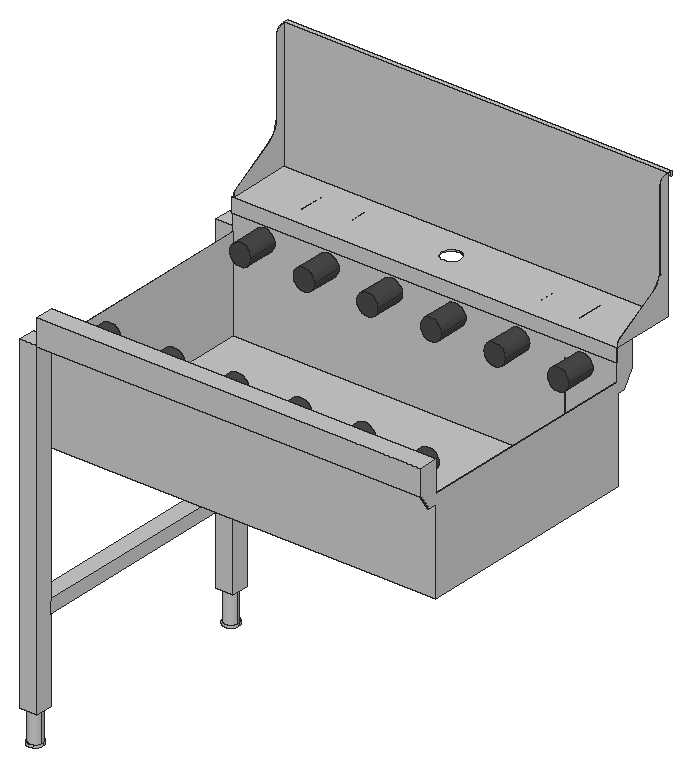
Revit family "QF_ELECTROLUXPROFESSIONAL_863071_HSSRDB9SB", category Specialty Equipment, Revit 2018
Family settings
  Round Connector Dimension = Use Diameter
  Part Type = Normal
  Work Plane-Based = No
  Always vertical = Yes
  Cut with Voids When Loaded = No
  Shared = No
  Room Calculation Point = No
Parameters
  Weight = 0.00 kg
  Watts = 0 W
  Volts = 0 V
  URL Manufacturer = "http://professional.electrolux.com/"
  URL = "http://professional.electrolux.com/"
  Steam Supply Size = 0 mm
  Steam Supply Minimum Pressure = 0.0 Pa
  Steam Supply Maximum Pressure = 0.0 Pa
  Steam Pounds per Hour = 0
  Refrigeration Suction Line Size = 0 mm
  Refrigeration Liquid Line Size = 0 mm
  Refrigerant Compressor Remote = yes
  Manufacturer = "Electrolux"
  Phase = 0
  Model = "HSSRDB9SB"
  Length Actual = 900 mm  # constant formula
  Item Number = "863071"
  Hot Water Size = 0 mm
  Height Actual = 1213 mm  # constant formula
  HP = "0 HP"
  Gas Size = 0 mm
  Gas KW = 0
  Gas Input Pressure = 0 W
  Description = "SHORT ROLLER CONVEYOR WITH DEEP BASIN AND SPLASH BACK,  L=900 MM"
  Depth Actual = 735 mm  # constant formula
  Cycle = 0 Hz
  Condensate Return Size = 0 mm
  Compressed Air Volume = 0.0 L/s
  Compressed Air Size = 0 mm
  Compressed Air Pressure = 0.0 Pa
  Cold Water Size = 0 mm
  Accessory = yes
Reference planes
  plane 1 "Centro (Fronte/Retro)": y = 74.737
  plane 2: z = 0
  plane 3 "LEFT": x = -1038.761
  plane 4 "BACK": y = 499.737
  plane 5 "FRONT": y = -235.263
  plane 6: z = 910
  plane 7 "RIGHT": x = -138.761
  plane 8: x = -588.761
Forms (mm)
  Extrusion 1, solid, material "QF_Finishes_Stainless Steel"
    sketch origin (0, 74.737, 0) x (1, 0, 0) y (0, 0, 1)
      loop
        line (-1079.929, 300) -> (-1079.929, 270) -> (-1039.929, 270) -> (-1039.929, 300) -> (-1079.929, 300)
    from -266.504 to 266.46
  Extrusion 2, solid, material "QF_Finishes_Stainless Steel"
    sketch origin (11.239, 0, 0) x (0, 1, 0) y (0, 0, 1)
      loop
        line (-235.263, 910) -> (-235.263, 850.033) -> (-190.242, 850.033) -> (-190.242, 910) -> (-235.263, 910)
      loop
        line (384.737, 910) -> (339.716, 910) -> (339.716, 850.033) -> (384.737, 850.033) -> (384.737, 910)
    from -1048.8 to -151.2
  Extrusion 3, solid, material "QF_Finishes_Stainless Steel"
    sketch origin (11.239, 0, 0) x (0, 1, 0) y (0, 0, 1)
      loop
        line (-191.727, 850.033) -> (-191.727, 618.033) -> (341.245, 618.033) -> (341.245, 850.033) -> (339.716, 850.033) -> (339.716, 621.033) -> (-190.242, 621.033) -> (-190.242, 850.033) -> (-191.727, 850.033)
    from -1048.8 to -151.2
  Extrusion 4, solid, material "QF_Finishes_Stainless Steel"
    sketch origin (1161.239, 723.253, 4000) x (0, 1, 0) y (0, 0, 1)
      loop
        line (-958.516, -3090) -> (-958.516, -3149.967) -> (-934.752, -3185.632) -> (-914.981, -3185.632) -> (-914.981, -3381.967) -> (-382.009, -3381.967) -> (-382.009, -3185.632) -> (-362.281, -3185.632) -> (-338.516, -3149.967) -> (-338.516, -3090) -> (-383.538, -3090) -> (-383.538, -3161.926) -> (-913.495, -3161.926) -> (-913.495, -3090) -> (-958.516, -3090)
    from -1300 to -1301.2
  Revolve 5, solid, material "QF_Finishes_Stainless Steel"
    sketch origin (-588.761, 0, 0) x (0, 1, 0) y (0, 0, 1)
      loop
        line (74.737, 618.033) -> (-1.756, 618.033) -> (-1.756, 601.823) -> (0.354, 601.823)
        arc (0.354, 601.823) -> (3.64, 597.973) -> (0.351, 594.125) r 3.897
        line (0.351, 594.125) -> (-1.756, 594.125) -> (-1.756, 551.31)
        arc (-1.756, 551.31) -> (8.91, 520.632) -> (36.296, 503.17) r 49.497
        line (36.296, 503.17) -> (36.296, 500.684) -> (37.487, 497.398) -> (51.25, 491.407) -> (51.25, 455.535) -> (52.727, 454.059) -> (74.737, 454.059) -> (74.737, 618.033)
      axis (74.737, 454.059) -> (74.737, 618.033)
    angle from 0 to 360
  Extrusion 6, solid, material "QF_Finishes_Stainless Steel"
    sketch origin (-537.561, 723.253, 4000) x (0, 1, 0) y (0, 0, 1)
      loop
        line (-958.516, -3090) -> (-958.516, -3149.967) -> (-914.981, -3149.967) -> (-914.981, -3381.967) -> (-382.009, -3381.967) -> (-382.009, -3149.967) -> (-338.516, -3149.967) -> (-338.516, -3090) -> (-383.538, -3090) -> (-383.538, -3161.926) -> (-913.495, -3161.926) -> (-913.495, -3090) -> (-958.516, -3090)
    from -500 to -501.2
  Extrusion 7, solid, material "QF_Finishes_Black"
    sketch origin (0, 74.737, 0) x (1, 0, 0) y (0, 0, 1)
      loop
        circle (-961.28, 850.115) r 25
      loop
        circle (-812.273, 850.115) r 25
      loop
        circle (-514.257, 850.115) r 25
      loop
        circle (-365.25, 850.115) r 25
      loop
        circle (-216.242, 850.115) r 25
      loop
        circle (-663.265, 850.115) r 25
    from 190.58 to 260.534
  Extrusion 8, solid, material "QF_Finishes_Stainless Steel"
    sketch origin (-239.961, 342.237, 0) x (0, 1, 0) y (0, 0, -1)
      loop
        line (-2.521, -910) -> (-2.521, -879.543) -> (-4.021, -879.543) -> (-4.021, -911.5) -> (145.999, -911.5) -> (145.999, -1213) -> (157.5, -1213) -> (157.5, -1202.537) -> (156, -1202.537) -> (156, -1211.5) -> (147.499, -1211.5) -> (147.499, -910) -> (-2.521, -910)
    from -101.2 to 798.8
  Extrusion 9, solid, material "QF_Finishes_Stainless Steel"
    sketch origin (-915.761, 342.237, 0) x (0, 1, 0) y (0, 0, 1)
      loop
        line (-0.992, 624.033) -> (13.767, 624.033)
        arc (13.767, 624.033) -> (17.303, 625.498) -> (18.768, 629.034) r 5.001
        line (18.768, 629.034) -> (18.768, 745.739) -> (102.636, 891.045) -> (102.636, 910) -> (42.5, 910) -> (42.5, 850.033) -> (-0.992, 850.033) -> (-0.992, 624.033)
    from 0 to 3
  Extrusion 10, solid, material "QF_Finishes_Stainless Steel"
    sketch origin (-818.761, 342.237, 0) x (0, 1, 0) y (0, 0, 1)
      loop
        line (-0.992, 624.033) -> (13.767, 624.033)
        arc (13.767, 624.033) -> (17.303, 625.498) -> (18.768, 629.034) r 5.001
        line (18.768, 629.034) -> (18.768, 745.739) -> (102.636, 891.045) -> (102.636, 910) -> (42.5, 910) -> (42.5, 850.033) -> (-0.992, 850.033) -> (-0.992, 624.033)
    from 0 to 3
  Extrusion 11, solid, material "QF_Finishes_Stainless Steel"
    sketch origin (-205.939, 342.237, 13) x (-1, 0, 0) y (0, 0, 1)
      loop
        line (706.822, 837.033) -> (612.822, 837.033) -> (612.822, 611.033) -> (706.822, 611.033) -> (706.822, 837.033)
    from -0.992 to 1.008
  Extrusion 12, solid, material "QF_Finishes_Stainless Steel"
    sketch origin (-139.961, 342.237, 0) x (0, 1, 0) y (0, 0, -1)
      loop
        line (1.051, -911.5) -> (1.051, -914.619)
        arc (1.051, -914.619) -> (2.37, -919.604) -> (6.004, -923.263) r 9.963
        line (6.004, -923.263) -> (100.988, -978.112)
        arc (100.988, -978.112) -> (119.305, -996.412) -> (126.02, -1021.418) r 50.023
        line (126.02, -1021.418) -> (126.02, -1196.012)
        arc (126.02, -1196.012) -> (130.414, -1206.62) -> (141.022, -1211.014) r 15.003
        line (141.022, -1211.014) -> (145.999, -1211.014) -> (145.999, -911.5) -> (1.051, -911.5)
    from -1.2 to 0
  Extrusion 13, solid, material "QF_Finishes_Stainless Steel"
    sketch origin (-1033.961, 342.237, 0) x (0, 1, 0) y (0, 0, -1)
      loop
        line (141.022, -1211.014) -> (145.999, -1211.014) -> (145.999, -911.5) -> (1.051, -911.5) -> (1.051, -914.619)
        arc (1.051, -914.619) -> (2.37, -919.604) -> (6.004, -923.263) r 9.963
        line (6.004, -923.263) -> (100.988, -978.112)
        arc (100.988, -978.112) -> (119.305, -996.412) -> (126.02, -1021.418) r 50.023
        line (126.02, -1021.418) -> (126.02, -1196.012)
        arc (126.02, -1196.012) -> (130.414, -1206.62) -> (141.022, -1211.014) r 15.003
    from 3.6 to 4.8
  Extrusion 14, void
    sketch origin (0, 0, 0) x (1, 0, 0) y (0, 1, 0)
      loop
        circle (-588.761, 417.226) r 22.503
    from 910 to 911.5
  Extrusion 15, solid, material "QF_Finishes_Stainless Steel"
    sketch origin (-380.272, 342.237, 0) x (0, 1, 0) y (0, 0, -1)
      loop
        line (-0.992, -624.033) -> (-0.992, -850.033) -> (42.5, -850.033) -> (42.5, -910) -> (102.636, -910) -> (102.636, -891.045) -> (18.768, -745.739) -> (18.768, -629.034)
        arc (18.768, -629.034) -> (17.303, -625.498) -> (13.767, -624.033) r 5.001
        line (13.767, -624.033) -> (-0.992, -624.033)
    from -118.511 to -115.511
  Extrusion 16, solid, material "QF_Finishes_Stainless Steel"
    sketch origin (-458.761, 342.237, 0) x (0, 1, 0) y (0, 0, -1)
      loop
        line (-0.992, -624.033) -> (-0.992, -850.033) -> (42.5, -850.033) -> (42.5, -910) -> (102.636, -910) -> (102.636, -891.045) -> (18.768, -745.739) -> (18.768, -629.034)
        arc (18.768, -629.034) -> (17.303, -625.498) -> (13.767, -624.033) r 5.001
        line (13.767, -624.033) -> (-0.992, -624.033)
    from -100 to -97
  Extrusion 17, solid, material "QF_Finishes_Stainless Steel"
    sketch origin (-1071.583, 342.237, 13) x (1, 0, 0) y (0, 0, -1)
      loop
        line (806.822, -837.033) -> (806.822, -611.033) -> (712.822, -611.033) -> (712.822, -837.033) -> (806.822, -837.033)
    from -0.992 to 1.008
  Extrusion 18, solid, material "QF_Finishes_Black"
    sketch origin (0, 74.737, 0) x (1, 0, 0) y (0, 0, -1)
      loop
        circle (-961.28, -850.115) r 25
      loop
        circle (-812.273, -850.115) r 25
      loop
        circle (-514.257, -850.115) r 25
      loop
        circle (-365.25, -850.115) r 25
      loop
        circle (-216.242, -850.115) r 25
      loop
        circle (-663.265, -850.115) r 25
    from 190.58 to 260.534
Cuts and joins
  joined: Extrusion 2, Extrusion 3, Extrusion 4, Revolve 5, Extrusion 6
  Extrusion 14 cuts Extrusion 8
  joined: Extrusion 8, Extrusion 9, Extrusion 10, Extrusion 11, Extrusion 12, Extrusion 13, Extrusion 15, Extrusion 16, Extrusion 17
Lines and regions (mm)
  Split face 1
    outline origin (458.239, 339.716, 621.033) x (-1, 0, 0) y (0, -1, 0)
      loop
        circle (1047, 264.904) r 3.016
  Split face 2
    outline origin (458.239, 339.716, 621.033) x (-1, 0, 0) y (0, -1, 0)
      loop
        circle (1047, 264.904) r 52.991
  Split face 3
    outline origin (458.239, 339.716, 621.033) x (-1, 0, 0) y (0, -1, 0)
      loop
        circle (1047, 264.904) r 36.015
  Split face 4
    outline origin (458.239, 339.716, 621.033) x (-1, 0, 0) y (0, -1, 0)
      loop
        circle (1047, 264.904) r 26.027
  Split face 5
    outline origin (458.239, 339.716, 621.033) x (-1, 0, 0) y (0, -1, 0)
      loop
        circle (1047, 264.904) r 9.056
  Masking region 1
    outline origin (0, 0, 0) x (1, 0, 0) y (0, 1, 0)
      loop
        line (-1038.761, 499.737) -> (-1038.761, -235.263) -> (-138.761, -235.263) -> (-138.761, 499.737) -> (-1038.761, 499.737)
  symbolic lines
    curve 1: line (-138.761, 499.737, 0) -> (-1038.761, 499.737, 0)
    curve 2: line (-1038.761, 499.737, 0) -> (-1038.761, -235.263, 0)
    curve 3: line (-1038.761, 339.716, 0) -> (-138.761, 339.716, 0)
    curve 4: line (-1038.761, -235.263, 0) -> (-138.761, -235.263, 0)
    curve 5: line (-138.761, -235.263, 0) -> (-138.761, 499.737, 0)
    curve 6: line (-138.761, -190.242, 0) -> (-1038.761, -190.242, 0)
    curve 7: line (-936.28, -185.797, 0) -> (-986.28, -185.797, 0)
    curve 8: line (-986.28, -185.797, 0) -> (-986.28, -115.842, 0)
    curve 9: line (-986.28, -115.842, 0) -> (-936.28, -115.842, 0)
    curve 10: line (-936.28, -115.842, 0) -> (-936.28, -185.797, 0)
    curve 11: line (-787.273, -185.797, 0) -> (-837.273, -185.797, 0)
    curve 12: line (-837.273, -185.797, 0) -> (-837.273, -115.842, 0)
    curve 13: line (-837.273, -115.842, 0) -> (-787.273, -115.842, 0)
    curve 14: line (-787.273, -115.842, 0) -> (-787.273, -185.797, 0)
    curve 15: line (-638.265, -185.797, 0) -> (-688.265, -185.797, 0)
    curve 16: line (-688.265, -185.797, 0) -> (-688.265, -115.842, 0)
    curve 17: line (-688.265, -115.842, 0) -> (-638.265, -115.842, 0)
    curve 18: line (-638.265, -115.842, 0) -> (-638.265, -185.797, 0)
    curve 19: line (-489.257, -185.797, 0) -> (-539.257, -185.797, 0)
    curve 20: line (-539.257, -185.797, 0) -> (-539.257, -115.842, 0)
    curve 21: line (-539.257, -115.842, 0) -> (-489.257, -115.842, 0)
    curve 22: line (-489.257, -115.842, 0) -> (-489.257, -185.797, 0)
    curve 23: line (-191.242, -185.797, 0) -> (-241.242, -185.797, 0)
    curve 24: line (-241.242, -185.797, 0) -> (-241.242, -115.842, 0)
    curve 25: line (-241.242, -115.842, 0) -> (-191.242, -115.842, 0)
    curve 26: line (-191.242, -115.842, 0) -> (-191.242, -185.797, 0)
    curve 27: line (-1038.761, 343.288, 0) -> (-1037.561, 343.288, 0)
    curve 28: line (-1037.561, 343.288, 0) -> (-1037.561, 488.236, 0)
    curve 29: line (-1038.761, 488.236, 0) -> (-138.761, 488.236, 0)
    curve 30: line (-139.961, 488.236, 0) -> (-139.961, 343.288, 0)
    curve 31: line (-139.961, 343.288, 0) -> (-138.761, 343.288, 0)
    curve 32: arc (-611.264, 417.226, 0) -> (-588.761, 439.729, 0) -> (-566.258, 417.226, 0) r 22.503
    curve 33: arc (-566.258, 417.226, 0) -> (-588.761, 394.723, 0) -> (-611.264, 417.226, 0) r 22.503
    curve 34: line (-138.761, 74.737, 0) -> (-168.761, 74.737, 0)
    curve 35: line (-1038.761, 74.737, 0) -> (-1008.761, 74.737, 0)
    curve 36: arc (-588.761, 151.231, 0) -> (-512.267, 74.737, 0) -> (-588.761, -1.756, 0) r 76.494
    curve 37: arc (-588.761, -1.756, 0) -> (-665.254, 74.737, 0) -> (-588.761, 151.231, 0) r 76.494
    curve 38: arc (-588.761, 96.747, 0) -> (-610.771, 74.737, 0) -> (-588.761, 52.727, 0) r 22.01
    curve 39: arc (-588.761, 52.727, 0) -> (-566.751, 74.737, 0) -> (-588.761, 96.747, 0) r 22.01
    curve 40: line (-340.25, -185.797, 0) -> (-390.25, -185.797, 0)
    curve 41: line (-390.25, -185.797, 0) -> (-390.25, -115.842, 0)
    curve 42: line (-390.25, -115.842, 0) -> (-340.25, -115.842, 0)
    curve 43: line (-340.25, -115.842, 0) -> (-340.25, -185.797, 0)
    curve 44: line (-936.28, 335.271, 0) -> (-986.28, 335.271, 0)
    curve 45: line (-986.28, 335.271, 0) -> (-986.28, 265.317, 0)
    curve 46: line (-986.28, 265.317, 0) -> (-936.28, 265.317, 0)
    curve 47: line (-936.28, 265.317, 0) -> (-936.28, 335.271, 0)
    curve 48: line (-787.273, 335.271, 0) -> (-837.273, 335.271, 0)
    curve 49: line (-837.273, 335.271, 0) -> (-837.273, 265.317, 0)
    curve 50: line (-837.273, 265.317, 0) -> (-787.273, 265.317, 0)
    curve 51: line (-787.273, 265.317, 0) -> (-787.273, 335.271, 0)
    curve 52: line (-638.265, 335.271, 0) -> (-688.265, 335.271, 0)
    curve 53: line (-688.265, 335.271, 0) -> (-688.265, 265.317, 0)
    curve 54: line (-688.265, 265.317, 0) -> (-638.265, 265.317, 0)
    curve 55: line (-638.265, 265.317, 0) -> (-638.265, 335.271, 0)
    curve 56: line (-489.257, 335.271, 0) -> (-539.257, 335.271, 0)
    curve 57: line (-539.257, 335.271, 0) -> (-539.257, 265.317, 0)
    curve 58: line (-539.257, 265.317, 0) -> (-489.257, 265.317, 0)
    curve 59: line (-489.257, 265.317, 0) -> (-489.257, 335.271, 0)
    curve 60: line (-191.242, 335.271, 0) -> (-241.242, 335.271, 0)
    curve 61: line (-241.242, 335.271, 0) -> (-241.242, 265.317, 0)
    curve 62: line (-241.242, 265.317, 0) -> (-191.242, 265.317, 0)
    curve 63: line (-191.242, 265.317, 0) -> (-191.242, 335.271, 0)
    curve 64: line (-340.25, 335.271, 0) -> (-390.25, 335.271, 0)
    curve 65: line (-390.25, 335.271, 0) -> (-390.25, 265.317, 0)
    curve 66: line (-390.25, 265.317, 0) -> (-340.25, 265.317, 0)
    curve 67: line (-340.25, 265.317, 0) -> (-340.25, 335.271, 0)
Dimensions and locks
  plane 3 "LEFT" to plane 7 "RIGHT" = 900 mm
  plane 4 "BACK" to plane 1 "Centro (Fronte/Retro)" to plane 5 "FRONT" = 425 mm, 310 mm
  plane 4 "BACK" to plane 5 "FRONT" = 735 mm
  equal spacing: plane 3 "LEFT", plane 8, plane 7 "RIGHT"
  cut or joined group 1 (Extrusion 8, Extrusion 9, Extrusion 10, Extrusion 11, Extrusion 12, Extrusion 13, Extrusion 14, Extrusion 15, Extrusion 16, Extrusion 17) to cut or joined group 1 = 94 mm  (x2)
  equal spacing: cut or joined group 1, plane 8, cut or joined group 1
  locked: cut or joined group 1 to cut or joined group 1 at 3  (x2)
  locked: Extrusion 7 sketch curve to plane 3 "LEFT" at 77.481
  locked: plane 7 "RIGHT" to Extrusion 7 sketch curve at 77.481
  equal spacing: Extrusion 7 sketch curve, Extrusion 7 sketch curve, Extrusion 7 sketch curve, Extrusion 7 sketch curve, Extrusion 7 sketch curve, Extrusion 7 sketch curve
  equal spacing: Extrusion 18 sketch curve, Extrusion 18 sketch curve, Extrusion 18 sketch curve, Extrusion 18 sketch curve, Extrusion 18 sketch curve, Extrusion 18 sketch curve
  aligned and locked: level to plane 2
  aligned and locked: Extrusion 8 to curve 1
  aligned and locked: Extrusion 2 to Extrusion 3
  aligned and locked: Extrusion 11 sketch curve to cut or joined group 1
Automatic sketch dimensions
  curve 32 to curve 33 = 0 mm  (x2)
  curve 36 to curve 37 = 0 mm  (x2)
  curve 36 to curve 38 = 0 mm  (x2)
  curve 36 to curve 39 = 0 mm  (x2)
  curve 37 to curve 38 = 0 mm  (x2)
  curve 37 to curve 39 = 0 mm  (x2)
  curve 38 to curve 39 = 0 mm  (x2)
  plane 1 "Centro (Fronte/Retro)" to curve 35 = 0 mm
  curve 35 to plane 3 "LEFT" = 0 mm
  plane 1 "Centro (Fronte/Retro)" to curve 39 = 0 mm
  curve 39 to plane 8 = 0 mm
  plane 1 "Centro (Fronte/Retro)" to curve 34 = 0 mm
  curve 4 to plane 5 "FRONT" = 0 mm
  curve 2 to plane 4 "BACK" = 0 mm
  plane 3 "LEFT" to curve 27 = 1.2 mm
  plane 3 "LEFT" to curve 7 = 52.481 mm
  plane 3 "LEFT" to curve 45 = 52.481 mm
  curve 7 to curve 10 = 50 mm
  curve 44 to curve 44 = 50 mm
  curve 44 to curve 48 = 99.008 mm
  plane 5 "FRONT" to curve 11 = 49.466 mm
  curve 7 to curve 11 = 99.008 mm
  curve 49 to curve 51 = 50 mm
  curve 11 to curve 11 = 50 mm
  curve 48 to curve 52 = 99.008 mm
  plane 5 "FRONT" to curve 16 = 49.466 mm
  curve 11 to curve 16 = 99.008 mm
  plane 8 to curve 54 = 49.504 mm
  plane 8 to curve 15 = 49.504 mm
  plane 8 to curve 33 = 0 mm
  curve 57 to plane 8 = 49.504 mm
  curve 21 to plane 8 = 49.504 mm
  curve 56 to curve 56 = 50 mm
  curve 19 to curve 19 = 50 mm
  plane 5 "FRONT" to curve 40 = 49.466 mm
  curve 19 to curve 40 = 99.008 mm
  curve 56 to curve 64 = 99.008 mm
  curve 40 to curve 40 = 50 mm
  curve 64 to curve 67 = 50 mm
  curve 64 to curve 60 = 99.008 mm
  plane 5 "FRONT" to curve 23 = 49.466 mm
  curve 40 to curve 23 = 99.008 mm
  curve 23 to curve 26 = 50 mm
  curve 61 to curve 62 = 50 mm
  curve 30 to plane 7 "RIGHT" = 1.2 mm
  plane 5 "FRONT" to curve 7 = 49.466 mm
  plane 5 "FRONT" to curve 22 = 49.466 mm
  curve 11 to curve 14 = 69.954 mm
  curve 15 to curve 16 = 69.954 mm
  curve 7 to curve 10 = 69.954 mm
  curve 19 to curve 20 = 69.954 mm
  curve 40 to curve 43 = 69.954 mm
  curve 23 to curve 24 = 69.954 mm
  curve 59 to plane 1 "Centro (Fronte/Retro)" = 190.58 mm
  curve 47 to plane 1 "Centro (Fronte/Retro)" = 190.58 mm
  curve 46 to curve 50 = 0 mm
  curve 61 to plane 1 "Centro (Fronte/Retro)" = 190.58 mm
  curve 58 to curve 66 = 0 mm
  curve 50 to curve 53 = 0 mm
  curve 45 to curve 45 = 69.954 mm
  curve 66 to curve 67 = 69.954 mm
  curve 57 to curve 57 = 69.954 mm
  curve 50 to curve 48 = 69.954 mm
  curve 62 to curve 60 = 69.954 mm
  curve 54 to curve 52 = 69.954 mm
  curve 44 to curve 27 = 8.018 mm
  curve 60 to curve 30 = 8.018 mm
  curve 33 to plane 4 "BACK" = 82.511 mm
  plane 3 "LEFT" to curve 35 = 30 mm
  curve 32 to curve 32 = 22.503 mm
  curve 34 to plane 7 "RIGHT" = 30 mm
  plane 5 "FRONT" to curve 6 = 45.021 mm
  curve 36 to curve 36 = 76.494 mm
  curve 38 to curve 36 = 22.01 mm
  curve 3 to curve 27 = 3.573 mm
  curve 29 to curve 1 = 11.501 mm
  Extrusion 1 sketch curve to plane 3 "LEFT" = 41.168 mm
  Extrusion 1 sketch curve to plane 3 "LEFT" = 1.168 mm
  level to Extrusion 1 sketch curve = 270 mm
  Extrusion 1 sketch curve to Extrusion 1 sketch curve = 30 mm
  Extrusion 2 sketch curve to plane 5 "FRONT" = 0 mm
  Extrusion 2 sketch curve to plane 6 = 0 mm  (x2)
  plane 5 "FRONT" to Extrusion 2 sketch curve = 45.021 mm
  Extrusion 2 sketch curve to plane 6 = 59.967 mm
  Extrusion 2 sketch curve to plane 4 "BACK" = 160.021 mm
  Extrusion 2 sketch curve to Extrusion 2 sketch curve = 45.021 mm
  Extrusion 2 sketch curve to Extrusion 2 sketch curve = 59.967 mm
  plane 5 "FRONT" to Extrusion 3 sketch curve = 43.536 mm
  Extrusion 3 sketch curve to Extrusion 3 sketch curve = 1.486 mm
  Extrusion 3 sketch curve to plane 6 = 59.967 mm  (x2)
  Extrusion 3 sketch curve to plane 4 "BACK" = 160.021 mm
  Extrusion 3 sketch curve to Extrusion 3 sketch curve = 1.529 mm
  Extrusion 3 sketch curve to plane 6 = 288.967 mm
  Extrusion 3 sketch curve to Extrusion 3 sketch curve = 3 mm
  Extrusion 4 sketch curve to plane 5 "FRONT" = 0 mm
  Extrusion 4 sketch curve to plane 6 = 0 mm  (x2)
  plane 5 "FRONT" to Extrusion 4 sketch curve = 23.764 mm
  plane 5 "FRONT" to Extrusion 4 sketch curve = 43.536 mm
  plane 5 "FRONT" to Extrusion 4 sketch curve = 45.021 mm
  Extrusion 4 sketch curve to plane 6 = 71.926 mm
  Extrusion 4 sketch curve to plane 4 "BACK" = 160.021 mm
  Extrusion 4 sketch curve to plane 4 "BACK" = 158.492 mm
  Extrusion 4 sketch curve to Extrusion 4 sketch curve = 19.728 mm
  Extrusion 4 sketch curve to Extrusion 4 sketch curve = 23.764 mm
  Extrusion 4 sketch curve to Extrusion 4 sketch curve = 23.706 mm  (x2)
  Extrusion 4 sketch curve to Extrusion 4 sketch curve = 196.335 mm
  Extrusion 4 sketch curve to Extrusion 4 sketch curve = 35.665 mm  (x2)
  Revolve 5 sketch curve to plane 1 "Centro (Fronte/Retro)" = 0 mm  (x2)
  plane 1 "Centro (Fronte/Retro)" to Revolve 5 sketch curve = 22.01 mm
  plane 1 "Centro (Fronte/Retro)" to Revolve 5 sketch curve = 23.487 mm
  plane 1 "Centro (Fronte/Retro)" to Revolve 5 sketch curve = 26.996 mm
  Revolve 5 sketch curve to Revolve 5 sketch curve = 13.764 mm
  Revolve 5 sketch curve to Revolve 5 sketch curve = 1.191 mm
  Revolve 5 sketch curve to Revolve 5 sketch curve = 47.387 mm
  Revolve 5 sketch curve to Revolve 5 sketch curve = 0.003 mm
  Revolve 5 sketch curve to Revolve 5 sketch curve = 0.61 mm
  Revolve 5 sketch curve to Revolve 5 sketch curve = 2.107 mm
  Revolve 5 sketch curve to Revolve 5 sketch curve = 2.11 mm
  level to Revolve 5 sketch curve = 454.059 mm
  Revolve 5 sketch curve to Revolve 5 sketch curve = 1.476 mm
  Revolve 5 sketch curve to Revolve 5 sketch curve = 35.872 mm
  Revolve 5 sketch curve to Revolve 5 sketch curve = 5.991 mm
  Revolve 5 sketch curve to Revolve 5 sketch curve = 3.286 mm
  Revolve 5 sketch curve to Revolve 5 sketch curve = 2.486 mm
  Revolve 5 sketch curve to Revolve 5 sketch curve = 48.139 mm
  Revolve 5 sketch curve to Revolve 5 sketch curve = 42.815 mm
  Revolve 5 sketch curve to Revolve 5 sketch curve = 3.849 mm
  Revolve 5 sketch curve to Revolve 5 sketch curve = 66.706 mm
  Revolve 5 sketch curve to Revolve 5 sketch curve = 3 mm
  Revolve 5 sketch curve to Revolve 5 sketch curve = 14.991 mm
  cut or joined group of Extrusion 2, Extrusion 3, Extrusion 4, Revolve 5, Extrusion 6 to Split face 1 sketch curve = 448.8 mm
  cut or joined group of Extrusion 2, Extrusion 3, Extrusion 4, Revolve 5, Extrusion 6 to Split face 1 sketch curve = 264.904 mm
  cut or joined group of Extrusion 2, Extrusion 3, Extrusion 4, Revolve 5, Extrusion 6 to Split face 2 sketch curve = 448.8 mm
  cut or joined group of Extrusion 2, Extrusion 3, Extrusion 4, Revolve 5, Extrusion 6 to Split face 2 sketch curve = 264.904 mm
  cut or joined group of Extrusion 2, Extrusion 3, Extrusion 4, Revolve 5, Extrusion 6 to Split face 3 sketch curve = 448.8 mm
  cut or joined group of Extrusion 2, Extrusion 3, Extrusion 4, Revolve 5, Extrusion 6 to Split face 3 sketch curve = 264.904 mm
  cut or joined group of Extrusion 2, Extrusion 3, Extrusion 4, Revolve 5, Extrusion 6 to Split face 4 sketch curve = 448.8 mm
  cut or joined group of Extrusion 2, Extrusion 3, Extrusion 4, Revolve 5, Extrusion 6 to Split face 4 sketch curve = 264.904 mm
  cut or joined group of Extrusion 2, Extrusion 3, Extrusion 4, Revolve 5, Extrusion 6 to Split face 5 sketch curve = 448.8 mm
  cut or joined group of Extrusion 2, Extrusion 3, Extrusion 4, Revolve 5, Extrusion 6 to Split face 5 sketch curve = 264.904 mm
  Masking region 1 sketch curve to plane 3 "LEFT" = 0 mm
  Masking region 1 sketch curve to plane 5 "FRONT" = 0 mm
  Masking region 1 sketch curve to plane 7 "RIGHT" = 0 mm
  Masking region 1 sketch curve to plane 4 "BACK" = 0 mm
  Extrusion 6 sketch curve to plane 5 "FRONT" = 0 mm
  Extrusion 6 sketch curve to plane 6 = 0 mm  (x2)
  plane 5 "FRONT" to Extrusion 6 sketch curve = 43.536 mm
  plane 5 "FRONT" to Extrusion 6 sketch curve = 45.021 mm
  Extrusion 6 sketch curve to plane 4 "BACK" = 160.021 mm
  Extrusion 6 sketch curve to plane 4 "BACK" = 158.492 mm
  Extrusion 6 sketch curve to Extrusion 6 sketch curve = 43.492 mm
  Extrusion 6 sketch curve to Extrusion 6 sketch curve = 59.967 mm  (x2)
  Extrusion 6 sketch curve to Extrusion 6 sketch curve = 11.959 mm
  Extrusion 6 sketch curve to Extrusion 6 sketch curve = 220.041 mm
  Extrusion 7 sketch curve to plane 6 = 59.885 mm  (x6)
  Extrusion 8 sketch curve to plane 6 = 0 mm
  Extrusion 8 sketch curve to plane 4 "BACK" = 0 mm
  Extrusion 8 sketch curve to plane 4 "BACK" = 1.5 mm
  Extrusion 8 sketch curve to Extrusion 8 sketch curve = 8.501 mm
  Extrusion 8 sketch curve to Extrusion 8 sketch curve = 1.5 mm  (x3)
  Extrusion 8 sketch curve to plane 6 = 30.457 mm
  Extrusion 8 sketch curve to Extrusion 8 sketch curve = 148.52 mm
  plane 6 to Extrusion 8 sketch curve = 1.5 mm
  Extrusion 8 sketch curve to Extrusion 8 sketch curve = 291.037 mm
  Extrusion 8 sketch curve to Extrusion 8 sketch curve = 8.963 mm
  Extrusion 9 sketch curve to plane 6 = 0 mm
  Extrusion 9 sketch curve to plane 4 "BACK" = 158.492 mm
  Extrusion 9 sketch curve to Extrusion 9 sketch curve = 14.759 mm
  Extrusion 9 sketch curve to Extrusion 9 sketch curve = 19.76 mm
  Extrusion 9 sketch curve to Extrusion 9 sketch curve = 43.492 mm
  Extrusion 9 sketch curve to plane 6 = 18.955 mm
  Extrusion 9 sketch curve to plane 4 "BACK" = 54.864 mm
  Extrusion 9 sketch curve to Extrusion 9 sketch curve = 59.967 mm
  Extrusion 9 sketch curve to Extrusion 9 sketch curve = 104.294 mm
  Extrusion 9 sketch curve to Extrusion 9 sketch curve = 116.705 mm
  Extrusion 10 sketch curve to plane 6 = 0 mm
  Extrusion 10 sketch curve to plane 4 "BACK" = 158.492 mm
  Extrusion 10 sketch curve to Extrusion 10 sketch curve = 14.759 mm
  Extrusion 10 sketch curve to Extrusion 10 sketch curve = 19.76 mm
  Extrusion 10 sketch curve to Extrusion 10 sketch curve = 43.492 mm
  Extrusion 10 sketch curve to plane 6 = 18.955 mm
  Extrusion 10 sketch curve to plane 4 "BACK" = 54.864 mm
  Extrusion 10 sketch curve to Extrusion 10 sketch curve = 59.967 mm
  Extrusion 10 sketch curve to Extrusion 10 sketch curve = 104.294 mm
  Extrusion 10 sketch curve to Extrusion 10 sketch curve = 116.705 mm
  plane 6 to Extrusion 12 sketch curve = 1.5 mm
  Extrusion 12 sketch curve to plane 4 "BACK" = 156.449 mm
  plane 6 to Extrusion 12 sketch curve = 13.263 mm
  Extrusion 12 sketch curve to Extrusion 12 sketch curve = 4.953 mm
  plane 6 to Extrusion 12 sketch curve = 4.651 mm
  Extrusion 12 sketch curve to Extrusion 12 sketch curve = 5.01 mm
  Extrusion 12 sketch curve to plane 4 "BACK" = 81.503 mm
  Extrusion 12 sketch curve to Extrusion 12 sketch curve = 24.991 mm
  Extrusion 12 sketch curve to plane 4 "BACK" = 31.48 mm
  Extrusion 12 sketch curve to plane 4 "BACK" = 16.478 mm
  Extrusion 12 sketch curve to plane 4 "BACK" = 11.501 mm
  plane 6 to Extrusion 12 sketch curve = 68.112 mm
  Extrusion 12 sketch curve to Extrusion 12 sketch curve = 43.306 mm
  Extrusion 12 sketch curve to Extrusion 12 sketch curve = 174.593 mm
  plane 6 to Extrusion 13 sketch curve = 1.5 mm
  Extrusion 13 sketch curve to plane 4 "BACK" = 156.449 mm
  plane 6 to Extrusion 13 sketch curve = 13.263 mm
  Extrusion 13 sketch curve to Extrusion 13 sketch curve = 4.953 mm
  plane 6 to Extrusion 13 sketch curve = 4.651 mm
  Extrusion 13 sketch curve to Extrusion 13 sketch curve = 5.01 mm
  Extrusion 13 sketch curve to plane 4 "BACK" = 81.503 mm
  Extrusion 13 sketch curve to Extrusion 13 sketch curve = 24.991 mm
  Extrusion 13 sketch curve to plane 4 "BACK" = 31.48 mm
  Extrusion 13 sketch curve to Extrusion 13 sketch curve = 15.003 mm
  Extrusion 13 sketch curve to Extrusion 13 sketch curve = 4.976 mm
  plane 6 to Extrusion 13 sketch curve = 68.112 mm
  Extrusion 13 sketch curve to Extrusion 13 sketch curve = 43.306 mm
  Extrusion 13 sketch curve to Extrusion 13 sketch curve = 174.593 mm
  plane 8 to Extrusion 14 sketch curve = 0 mm
  Extrusion 14 sketch curve to plane 4 "BACK" = 82.511 mm
  Extrusion 15 sketch curve to plane 6 = 0 mm
  Extrusion 15 sketch curve to plane 4 "BACK" = 158.492 mm
  Extrusion 15 sketch curve to Extrusion 15 sketch curve = 14.759 mm
  Extrusion 15 sketch curve to Extrusion 15 sketch curve = 19.76 mm
  Extrusion 15 sketch curve to Extrusion 15 sketch curve = 43.492 mm
  Extrusion 15 sketch curve to plane 6 = 18.955 mm
  Extrusion 15 sketch curve to plane 4 "BACK" = 54.864 mm
  Extrusion 15 sketch curve to plane 6 = 59.967 mm
  Extrusion 15 sketch curve to Extrusion 15 sketch curve = 104.294 mm
  Extrusion 15 sketch curve to Extrusion 15 sketch curve = 116.705 mm
  Extrusion 16 sketch curve to plane 6 = 0 mm
  Extrusion 16 sketch curve to plane 4 "BACK" = 158.492 mm
  Extrusion 16 sketch curve to Extrusion 16 sketch curve = 14.759 mm
  Extrusion 16 sketch curve to Extrusion 16 sketch curve = 19.76 mm
  Extrusion 16 sketch curve to Extrusion 16 sketch curve = 43.492 mm
  Extrusion 16 sketch curve to plane 6 = 18.955 mm
  Extrusion 16 sketch curve to plane 4 "BACK" = 54.864 mm
  Extrusion 16 sketch curve to plane 6 = 59.967 mm
  Extrusion 16 sketch curve to Extrusion 16 sketch curve = 104.294 mm
  Extrusion 16 sketch curve to Extrusion 16 sketch curve = 116.705 mm
  Extrusion 17 sketch curve to plane 6 = 59.967 mm
  Extrusion 17 sketch curve to plane 8 = 230 mm
  Extrusion 17 sketch curve to Extrusion 17 sketch curve = 94 mm
  Extrusion 17 sketch curve to Extrusion 17 sketch curve = 225.999 mm
  plane 3 "LEFT" to Extrusion 18 sketch curve = 77.481 mm
  Extrusion 18 sketch curve to plane 6 = 59.885 mm  (x6)
  Extrusion 18 sketch curve to Extrusion 18 sketch curve = 149.008 mm
  Extrusion 11 sketch curve to plane 6 = 59.967 mm
  Extrusion 11 sketch curve to Extrusion 11 sketch curve = 94 mm
  Extrusion 11 sketch curve to Extrusion 11 sketch curve = 225.999 mm
  radius of Split face 1 sketch curve = 3.016 mm
  radius of Split face 2 sketch curve = 52.991 mm
  radius of Split face 3 sketch curve = 36.015 mm
  radius of Split face 4 sketch curve = 26.027 mm
  radius of Split face 5 sketch curve = 9.056 mm
  radius of Extrusion 7 sketch curve = 25 mm  (x6)
  radius of Extrusion 14 sketch curve = 22.503 mm
  radius of Extrusion 18 sketch curve = 25 mm  (x6)
Nested families
  nested 1: "Foot_40x40" at (-1059.929, 361.245, 0), type "Foot_40x40"
    with A 850.033 mm
  nested 2: "Foot_40x40" at (-1059.929, -211.771, 0), type "Foot_40x40"
    with A 850.033 mm
Connectors
  piping at (-588.761, 74.737, 454.059), diameter 30
    settings: on cut or joined group of Extrusion 2, Extrusion 3, Extrusion 4, Revolve 5, Extrusion 6, index 1, connector inside diameter 609.6 mm, connector length 0 mm, flow factor 0, pipe flow 0.0 L/s, pressure drop 0.0 Pa, fitting loss kfactor 0, connector angle 0.00°, fixture units 0, engagement length 0 mm, angle of deflection 0.00°, flow configuration 1, flow direction 2, fitting loss method 0, system type 16, joint type 0, gender type 0, connector reference index -1, connector utility 0, adjustable connector no, is connector primary yes, connector description "Drain"
Definition of nested family "Foot_40x40"
  Parameters
    A [instance] = 850 mm
  Reference planes
    plane 1 "Centro (Fronte/Retro)": y = 0
    plane 2: z = 0
    plane 3 "Centro (Sinistra/Destra)": x = 0
    plane 4: z = 850
  Forms (mm)
    Extrusion 1, solid
      sketch origin (0, 0, 0) x (1, 0, 0) y (0, 1, 0)
        loop
          circle (0, 0) r 18
      from 0 to 5
    Extrusion 2, solid
      sketch origin (0, 0, 5) x (1, 0, 0) y (0, 1, 0)
        loop
          circle (0, 0) r 15
      from 0 to 70
    Extrusion 3, solid
      sketch origin (0, 0, 75) x (1, 0, 0) y (0, 1, 0)
        loop
          line (-20, 20) -> (-20, -20) -> (20, -20) -> (20, 20) -> (-20, 20)
      from 0 to 775
  Dimensions and locks
    "A": plane 4 to plane 2
    aligned and locked: level to plane 2
    aligned and locked: plane 4 to Extrusion 3
    aligned and locked: Extrusion 1 to level
  Automatic sketch dimensions
    plane 1 "Centro (Fronte/Retro)" to Extrusion 1 sketch curve = 0 mm
    Extrusion 1 sketch curve to plane 3 "Centro (Sinistra/Destra)" = 0 mm
    Extrusion 3 sketch curve to Extrusion 3 sketch curve = 40 mm  (x2)
    radius of Extrusion 1 sketch curve = 18 mm
    radius of Extrusion 2 sketch curve to Extrusion 1 = 3 mm
